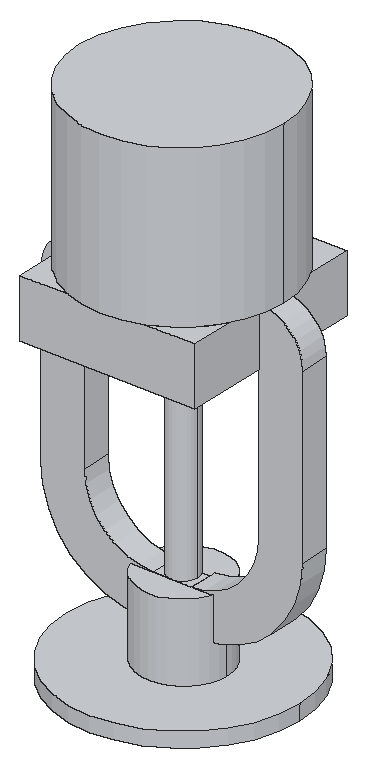
Revit family
Parameters (values of type "RASCO F1FR56 PENDENT")
  Temperature Rating = 135 °F
  Response = 1
  RASCO SIN # = "RA1414"
  RASCO Part # = "F1FR56P0C"
  Pressure Rating = "175 PSI"
  Pressure Class = (empty or 0)
  Orifice Size = 1/2"
  Orifice = (empty or 0)
  Model = "F1FR56"
  Manufacturer = "RASCO"
  K-Factor = 5.6
  Description = "Chrome FINISH"
  Coverage = (empty or 0)
Reference planes (in)
  plane 1 "Center (Front/Back)": y = 0
  plane 2: z = 0
  plane 3 "Center (Left/Right)": x = 0
Dimensions and locks (in)
  aligned and locked: plane 2 to level
Nested families (in)
  nested 1: "F1FR56P0C" at (-0.0113, 0, 2.4375) x (-1, 0, 0) z (0, 0, -1), type "RASCO F1FR56 PENDENT"
Connectors (in)
  piping at (-0.0113, 0, 2.4375)
    settings: on nested 1, index 1, connector radius 115/256", flow factor 0, pipe flow 0 GPM, pressure drop 0.00 psi, fitting loss kfactor 0, connector angle 0.00°, fixture units 0, flow configuration 0, flow direction 0, fitting loss method 0, system type 7, connector reference index -1, connector utility 0, adjustable connector no, is connector primary yes, fitting loss table "", connector description ""
Definition of nested family "F1FR56P0C"
  Parameters (values of type "RASCO F1FR56 PENDENT")
    Type Comments = ""
    Temperature Rating = 0 °F
    Response = (empty or 0)
    Pressure Rating = "0"
    Pressure Class = (empty or 0)
    Orifice Size = 0"
    Orifice = (empty or 0)
    Model = ""
    Manufacturer = ""
    K-Factor = 0
    Description = ""
    Coverage = (empty or 0)
    Assembly Code = ""
  Reference planes (in)
    plane 1 "Center (Front/Back)": y = 0
    plane 2: z = 0
    plane 3 "ref.2": z = 0.6875
    plane 4 "ref.3": z = 0.9375
    plane 5: x = -0.38065
    plane 6: x = 0.36935
    plane 7 "ref. side 1": y = 0.06402
    plane 8 "ref. side 2": y = -0.06098
    plane 9 "ref.4": z = 1.875
    plane 10 "ref.5": z = 2.3125
    plane 11 "ref.6": z = 2.4375
  Forms (in)
    Extrusion 1, solid
      sketch origin (0, 0, 0) x (1, 0, 0) y (0, 1, 0)
        loop
          circle (0, 0) r 0.4379
      from 0 to 0.6875
    Extrusion 2, solid
      sketch origin (-0.12185, 0.05177, 0.6875) x (1, 0, 0) y (0, 1, 0)
        loop
          line (-0.2588, 0.356) -> (-0.2588, -0.4565) -> (0.4912, -0.4565) -> (0.4912, 0.356) -> (-0.2588, 0.356)
      from 0 to 0.25
    Extrusion 3, solid
      sketch origin (0, 0, 0) x (1, 0, 0) y (0, 0, 1)
        loop
          line (-0.38065, 0.68754) -> (-0.38065, 1.58397)
          arc (-0.38065, 1.58397) -> (-0.29541, 1.78976) -> (-0.08962, 1.875) r 0.29103
          line (-0.08962, 1.875) -> (0.07524, 1.875)
          arc (0.07524, 1.875) -> (0.28321, 1.78886) -> (0.36935, 1.58089) r 0.29411
          line (0.36935, 1.58089) -> (0.36935, 0.68751)
          arc (0.36935, 0.68751) -> (0.50207, 0.74393) -> (0.55685, 0.87734) r 0.18984
          line (0.55685, 0.87734) -> (0.55685, 1.61676)
          arc (0.55685, 1.61676) -> (0.42629, 1.93194) -> (0.11111, 2.0625) r 0.44574
          line (0.11111, 2.0625) -> (-0.12259, 2.0625)
          arc (-0.12259, 2.0625) -> (-0.43765, 1.932) -> (-0.56815, 1.61694) r 0.44556
          line (-0.56815, 1.61694) -> (-0.56815, 0.87876)
          arc (-0.56815, 0.87876) -> (-0.51345, 0.74486) -> (-0.38065, 0.68754) r 0.19126
      from -0.06402 to 0.06098
    Extrusion 4, solid
      sketch origin (0, 0, 0.9375) x (-1, 0, 0) y (0, -1, 0)
        loop
          circle (0.00574, -0.00152) r 0.0625
      from 0 to 0.9375
    Extrusion 5, solid
      sketch origin (0, 0, 1.875) x (-1, 0, 0) y (0, -1, 0)
        loop
          circle (0.00574, -0.00152) r 0.1875
      from 0 to 0.4375
    Extrusion 6, solid
      sketch origin (0, 0, 2.3125) x (0, -1, 0) y (1, 0, 0)
        loop
          circle (-0.00152, -0.00574) r 0.5
      from -0.10531 to -0.03987
  Cuts and joins
    joined: Extrusion 1, Extrusion 2, Extrusion 4
  Lines and regions (in)
    model lines
      curve 1: line (-0.00574, 0.06402, 1.875) -> (-0.00574, -0.06098, 1.875)
